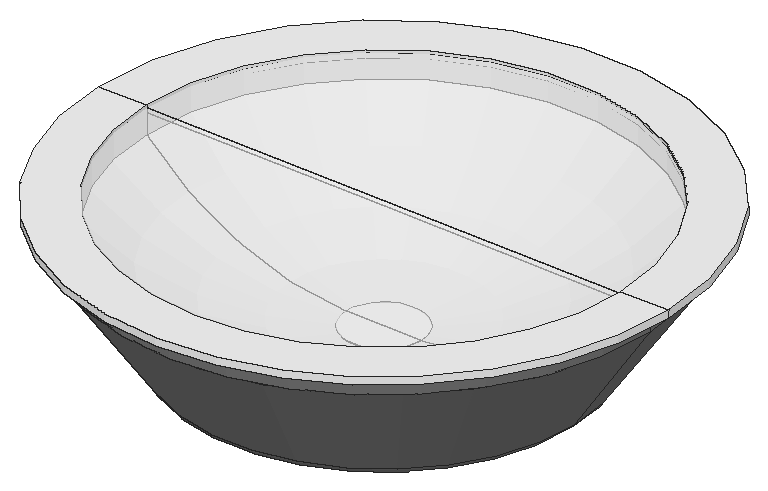
Revit family "0030358", category Lighting Fixtures, host Face, Revit 2016
Family settings
  Host = Face
  Part Type = Normal
  Round Connector Dimension = Use Diameter
  OmniClass Number = 23.80.70.00
  OmniClass Title = Lighting
  Cut with Voids When Loaded = No
  Light Source = Yes
  Shared = No
  Room Calculation Point = No
Parameters (values of type "0030358 Insaver Slim IP44 DALI 225 4800lm 830")
  WidthBezel_SYL = if(Size1_SYL, 20 mm, if(Size2_SYL, 20 mm, if(Size3PIR_SYL, 30 mm, if(Size4_SYL, 20 mm, 20 mm))))  # 20 mm
  Weight = "11.4 kg"
  Wattage Comments = ""
  Wattage = 40 W
  WarrantyStartDate [instance] = "n/a"
  WarrantyGuarantorParts = "n/a"
  WarrantyDurationUnit = "n/a"
  WarrantyDurationParts = "n/a"
  WarrantyDescription = "n/a"
  built-in parameter 1150110 = 1 (stored number, unit not read)
  Voltage = 230 V
  VisibilityPIR_SYL = Size3PIR_SYL  # no
  URL = "http://www.sylvania-lighting.com"
  TypeName = "Insaver Slim IP44 DALI 225 4800lm 830"
  Type Image = <None>
  Type Comments = "n/a"
  built-in parameter 1114217 = 1 (stored number, unit not read)
  Tilt Angle = -90.00°
  built-in parameter 1150109 = 1 (stored number, unit not read)
  built-in parameter 1150134 = (empty or 0)
  built-in parameter 1150113 = 1 (stored number, unit not read)
  Size4_SYL = no
  Size3PIR_SYL = no
  Size2_SYL = no
  Size1_SYL = no
  SerialNumber [instance] = "n/a"
  RadiusTop_SYL = 6 mm
  RadiusReflector_SYL = if(Size1_SYL, 85 mm, if(Size2_SYL, 85 mm, if(Size3PIR_SYL, 85 mm, if(Size4_SYL, 100 mm, 120 mm))))  # 120 mm
  Photometric Web File = "0030358.ies"
  Material_3_FEILO = Top-Sylvania-STARTDownlight
  PowerFactor = 0.9
  PowerConsumption = "40 W"
  NominalLength = 240 mm
  NominalHeight = 60 mm
  NominalDepth = 240 mm
  Name = "Insaver Slim IP44 DALI 225 4800lm 830"
  ModelReference = Name  # "Insaver Slim IP44 DALI 225 4800lm 830"
  ModelNumber = "0030358"
  Model = Name  # "Insaver Slim IP44 DALI 225 4800lm 830"
  Material = "aluminium housing, na diffuser"
  ManufacturerName = "Feilo Sylvania"
  Manufacturer = "Feilo Sylvania"
  LuminousEfficacy = "118.8 lm/W"
  built-in parameter 1150105 = 378.17 (stored number, unit not read)
  Lumens = 4752.2 lm
  LuminaireType = ""
  built-in parameter 1150115 = 1 (stored number, unit not read)
  LightOutputRatio = "n/a"
  built-in parameter 1150137 = (empty or 0)
  built-in parameter 1150139 = (empty or 0)
  LampsType = Lamp  # "LED"
  LampNominalLuminous = "lm"
  LampMacAdamStep = "5"
  LampColourTemperature = "3000 K"
  LampColourRenderingIndex = "80"
  built-in parameter 1150112 = 1 (stored number, unit not read)
  built-in parameter 1150114 = 1 (stored number, unit not read)
  Lamp = "LED"
  Keynote = "16500"
  InstallationDate [instance] = "n/a"
  InputVoltage = "AC 220-240 V"
  InputNominalFrequency = "50/60 Hz"
  built-in parameter 1150132 = (empty or 0)
  built-in parameter 1150102 = (empty or 0)
  built-in parameter 1150107 = 3000 (stored number, unit not read)
  built-in parameter 1150138 = (empty or 0)
  IngressProtection = "IP40/20"
  ImpactProtectionIndex = "IK07"
  built-in parameter 1150106 = 3.7817 (stored number, unit not read)
  IfcExportType = "IfcLightFixtureType"
  IfcExportAs = "IfcLightFixtureType"
  Height_SYL = if(Size1_SYL, 61 mm, if(Size2_SYL, 61 mm, if(Size3PIR_SYL, 61 mm, if(Size4_SYL, 61 mm, 60 mm))))  # 60 mm
  HeightBezel_SYL = if(Size1_SYL, 3 mm, if(Size2_SYL, 3 mm, if(Size3PIR_SYL, 3 mm, if(Size4_SYL, 3.2 mm, 3 mm))))  # 3 mm
  ExpectedLife = 50000
  Emit from Circle Diameter = Diameter_SYL - 40 mm  # 200 mm
  Emit Shape Visible in Rendering = no
  ElectricShockClassification = "Class II"
  built-in parameter 1150104 = 11.037 (stored number, unit not read)
  DurationUnit = "hours"
  DocumentationLiterature = "http://www.sylvania-lighting.com/product/en-int/products/0030358"
  DimmingControlOptions = "DALI dimmable"
  Material_2_FEILO = Diffuser-Sylvania-STARTDownlight
  Dimming Lamp Color Temperature Shift = <None>
  Diameter_SYL = if(Size1_SYL, 165 mm, if(Size2_SYL, 190 mm, if(Size3PIR_SYL, 211 mm, if(Size4_SYL, 220 mm, 240 mm))))  # 240 mm
  DiameterTop_SYL = if(Size1_SYL, 98 mm, if(Size2_SYL, 122 mm, if(Size3PIR_SYL, 120 mm, if(Size4_SYL, 135 mm, 158 mm))))  # 158 mm
  DiameterTopBase_SYL = DiameterRecess_SYL  # 225 mm
  DiameterRecess_SYL = if(Size1_SYL, 150 mm, if(Size2_SYL, 170 mm, if(Size3PIR_SYL, 186 mm, if(Size4_SYL, 200 mm, 225 mm))))  # 225 mm
  Description = ""
  Default Elevation = 1219.2 mm
  CreatedOn = "5/28/2019"
  CreatedBy = "@sylvania-lighting.com"
  Cost = 0
  Color Filter = 16777215
  built-in parameter 1114216 [instance] = (empty or 0)
  ClassificationValue = "EF_70_80"
  ClassificationName = "Uniclass2015"
  Material_1_FEILO = Trim-Sylvania-STARTDownlight-White
  BarCode [instance] = "n/a"
  built-in parameter 1114218 = 1 (stored number, unit not read)
  built-in parameter 1150133 = 10 (stored number, unit not read)
  AssetType = "Fixed"
  AssetIdentifier [instance] = "n/a"
  Assembly Code = "D5020200"
  Apparent Load = 40 VA
  Material_4_FEILO = LED-Sylvania-STARTDownlight
Types (2, lengths in mm): name | Wattage | Photometric Web File | PowerConsumption | LuminousEfficacy | built-in parameter 1150105 | Lumens | LampNominalLuminous | built-in parameter 1150106 | built-in parameter 1150104 | Apparent Load
  0030358 Insaver Slim IP44 DALI 225 4800lm 830 | 40 W | "0030358.ies" | "40 W" | "118.8 lm/W" | 378.17 (stored number, unit not read) | 4752.2 lm | "lm" | 3.7817 (stored number, unit not read) | 11.037 (stored number, unit not read) | 40 VA
  0030358 Insaver Slim IP44 DALI 225 4800lm 830 Emergency mode | 43 W | "0030358EM.ies" | "43 W" | "8.67 lm/W" | 261.68 (stored number, unit not read) | 372.81 lm | "380 lm" | 2.6168 (stored number, unit not read) | 0.80547 (stored number, unit not read) | 43 VA
Reference planes
  plane 1 "Center (Front/Back)": y = 0
  plane 2: z = 0
  plane 3 "Center (Left/Right)": x = 0
  plane 4: x = 120
  plane 5: x = -120
  plane 6: z = 3
  plane 7: z = -8
  plane 8: z = -57
  plane 9: x = -112.5
  plane 10: x = 112.5
  plane 11: x = -79
  plane 12: x = 79
  plane 13: z = -85
  plane 14: x = -100
  plane 15: z = 2
  plane 16: z = -45
  plane 17: x = -16
  plane 18: x = -105
  plane 19: x = -81.5
  plane 20: x = -99.5
  plane 21: x = -114
  plane 22: z = 5.5
  plane 23: z = 8.7
  plane 24: x = -113
  plane 25: z = 13.7
Forms (mm)
  Revolve 1, void
    sketch origin (0, 0, 0) x (1, 0, 0) y (0, 0, 1)
      loop
        line (0, 0) -> (-112.5, 0) -> (-112.5, -85) -> (0, -85) -> (0, 0)
      axis (0, 0) -> (0, -85)
    angle from 360 to 0
  Revolve 2, solid, material "Trim-Sylvania-STARTDownlight-White" <- "Material_1_FEILO"
    sketch origin (0, 0, 0) x (1, 0, 0) y (0, 0, 1)
      loop
        line (-100, 3) -> (-120, 3) -> (-120, 0) -> (-112.5, 0) -> (-112.5, -8) -> (-80.681, -53.768)
        arc (-80.681, -53.768) -> (-78.471, -56.129) -> (-75.357, -57) r 6
        line (-75.357, -57) -> (0, -57) -> (0, -45) -> (-16, -45)
        arc (-16, -45) -> (-61.677, -34.849) -> (-100, -8) r 120
        line (-100, -8) -> (-100, 3)
      axis (0, 3) -> (0, -57)
    angle from 360 to 0
  Revolve 3, solid, material "Diffuser-Sylvania-STARTDownlight" <- "Material_2_FEILO"
    sketch origin (0, 0, 0) x (1, 0, 0) y (0, 0, 1)
      loop
        line (-100, 0) -> (0, 0) -> (0, 2) -> (-100, 2) -> (-100, 0)
      axis (0, 2) -> (0, 0)
    angle from 360 to 0
  Revolve 4, solid, material "Trim-Sylvania-STARTDownlight-White" <- "Material_1_FEILO", visible <- "VisibilityPIR_SYL"
    sketch origin (0, 0, 0) x (1, 0, 0) y (0, 0, 1)
      loop
        line (-105, 3) -> (-105, 13.7)
        arc (-105, 13.7) -> (-109.717, 12.347) -> (-113, 8.7) r 8.9
        line (-113, 8.7) -> (-113, 5.5) -> (-114, 5.5) -> (-114, 3) -> (-105, 3)
      axis (-105, 13.7) -> (-105, 3)
    angle from 360 to 0
Dimensions and locks
  equal spacing: plane 4, plane 3 "Center (Left/Right)", plane 5
  "Diameter_SYL": plane 4 to plane 5
  equal spacing: plane 10, plane 3 "Center (Left/Right)", plane 9
  equal spacing: plane 12, plane 3 "Center (Left/Right)", plane 11
  "DiameterTop_SYL": plane 12 to plane 11
  "HeightBezel_SYL": plane 6 to plane 2
  "Height_SYL": plane 6 to plane 8
  locked: plane 2 to plane 7 at 8
  locked: plane 2 to plane 13 at 85
  "WidthBezel_SYL": plane 14 to plane 5
  locked: plane 6 to plane 15 at 1
  "DiameterRecess_SYL": plane 10 to plane 9
  locked: plane 3 "Center (Left/Right)" to plane 17 at 16
  locked: plane 16 to plane 8 at 12
  locked: plane 18 to plane 21 at 9
  locked: plane 22 to plane 6 at 2.5
  locked: plane 23 to plane 22 at 3.2
  locked: plane 18 to plane 24 at 8
  locked: plane 25 to plane 23 at 5
  locked: plane 25 to Revolve 4 sketch curve at 8.9
  locked: plane 18 to plane 5 at 15
  "RadiusReflector_SYL": radius of Revolve 2 sketch curve
  "RadiusTop_SYL": radius of Revolve 2 sketch curve
  aligned and locked: plane 2 to host face
  aligned and locked: level to host face
  aligned and locked: Revolve 1 sketch curve to plane 3 "Center (Left/Right)"
  aligned and locked: plane 3 "Center (Left/Right)" to Revolve 1 sketch curve
  aligned and locked: Revolve 1 sketch curve to plane 9
  aligned and locked: plane 13 to Revolve 1 sketch curve
  aligned and locked: plane 3 "Center (Left/Right)" to imposter light
  aligned and locked: imposter light to plane 15
  aligned and locked: imposter light to plane 1 "Center (Front/Back)"
  aligned and locked: Revolve 2 sketch curve to plane 3 "Center (Left/Right)"
  aligned and locked: Revolve 2 sketch curve to plane 6
  aligned and locked: Revolve 2 sketch curve to plane 5
  aligned and locked: Revolve 2 sketch curve to level
  aligned and locked: plane 7 to Revolve 2 sketch curve  (x2)
  aligned and locked: Revolve 2 sketch curve to plane 9
  aligned and locked: plane 8 to Revolve 2 sketch curve
  aligned and locked: Revolve 2 sketch curve to plane 14
  aligned and locked: plane 3 "Center (Left/Right)" to Revolve 2 sketch curve
  aligned and locked: Revolve 2 sketch curve to plane 16
  aligned and locked: Revolve 3 sketch curve to plane 3 "Center (Left/Right)"
  aligned and locked: Revolve 3 sketch curve to level
  aligned and locked: imposter light to Revolve 3 sketch curve  (x2)
  aligned and locked: Revolve 4 sketch curve to plane 18  (x2)
  aligned and locked: Revolve 4 sketch curve to plane 6
  aligned and locked: plane 22 to Revolve 4 sketch curve
  aligned and locked: plane 24 to Revolve 4 sketch curve
  aligned and locked: Revolve 4 sketch curve to Revolve 4 sketch curve
  aligned and locked: plane 21 to Revolve 4 sketch curve
Automatic sketch dimensions
  host sketch curve to host sketch curve = 2438.4 mm  (x2)
  plane 13 to Revolve 1 sketch curve = 524.6 mm
  Revolve 1 sketch curve to plane 6 = 2606.058 mm
  Revolve 1 sketch curve to level = 0 mm
  Revolve 2 sketch curve to plane 17 = 0 mm
  Revolve 2 sketch curve to plane 11 = 1.681 mm
  plane 11 to Revolve 2 sketch curve = 3.643 mm
  plane 13 to Revolve 2 sketch curve = 524.6 mm
  Revolve 2 sketch curve to Revolve 2 sketch curve = 2577.983 mm
  Revolve 3 sketch curve to plane 14 = 0 mm
  plane 13 to Revolve 3 sketch curve = 524.6 mm
  Revolve 3 sketch curve to plane 6 = 2606.058 mm
  Revolve 4 sketch curve to plane 23 = 0 mm
  plane 13 to Revolve 4 sketch curve = 524.6 mm
  Revolve 4 sketch curve to Revolve 4 sketch curve = 2595.358 mm
Connectors
  electrical at (0, 0, 0), driven by "Apparent Load", driven by "PowerFactor", driven by "Voltage"
    settings: index 1, voltage 230 V, apparent load 40 VA, apparent load phase1 0 VA, apparent load phase2 0 VA, apparent load phase3 0 VA, power factor 0.9, load classification "Lighting", number of poles 1, system type 30, power factor state 1, is connector primary yes, connector utility no, sub classification motor no, connector description ""
